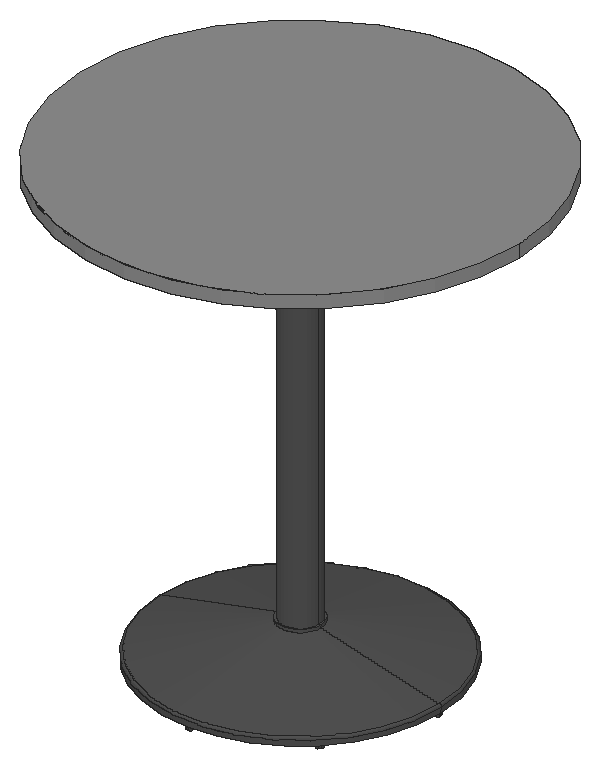
Revit family "FU_Table_Sandler_Campus Cafe Table", category Furniture, Revit 2020
Family settings
  OmniClass Number = 23.40.20.00
  OmniClass Title = General Furniture and Specialties
  Work Plane-Based = No
  Always vertical = Yes
  Cut with Voids When Loaded = No
  Shared = No
  Room Calculation Point = No
Parameters (values of type "Campus Cafe Table Melamine 70cm (27.5")")
  URL = "https://www.sandlerseating.com/product/campus-cafe-table-27-5-round-top/"
  Table Top Height = 720 mm
  Table Top Diameter = 700 mm
  Table Top Material = Melamine - NCS S8000-N Graphite
  Model = "CAMPUS TABLE"
  Manufacturer = "Sandler"
  Keynote = "46.B"
  Frame Material = Metal - Black - Matte
  Description = "Texture powder coated pillar frame with cast footplate. White Grey Melamine or Graphite Melamine Table Top"
  Default Elevation = 0 mm
  Content Author = "AEC AB"
  Assembly Code = "E2020"
Reference planes
  plane 1 "Center (Front/Back)": y = 0
  plane 2: z = 0
  plane 3 "Center (Left/Right)": x = 0
  plane 4 "Table Top under": z = 700
  plane 5 "Frame Botton": z = 63
  plane 6 "Stand bottom": z = 4.5
  plane 7: through (0, 0, 1200) normal (-0.7071, 0.7071, 0)
  plane 8: through (0, 0, 1200) normal (-0.3827, 0.9239, 0)
  plane 9 "Table Top": z = 720
Forms (mm)
  Extrusion 1, solid, material "Metal - Black - Matte" <- "Frame Material"
    sketch origin (0, 0, 63) x (1, 0, 0) y (0, 1, 0)
      loop
        circle (0, 0) r 30
    from 0 to 640
  Extrusion 2, solid, material "Plastic - Black"
    sketch origin (0, 0, 0) x (1, 0, 0) y (0, 1, 0)
      loop
        line (0, 224.253) -> (-2, 224.253)
        arc (-2, 224.253) -> (-4.121, 223.374) -> (-5, 221.253) r 3
        line (-5, 221.253) -> (-5, 29.58)
        arc (-5, 29.58) -> (-11.481, 27.716) -> (-17.381, 24.452) r 30
        line (-17.381, 24.452) -> (-152.572, 159.643)
        arc (-152.572, 159.643) -> (-154.704, 160.526) -> (-156.835, 159.643) r 3.015
        line (-156.835, 159.643) -> (-159.66, 156.819)
        arc (-159.66, 156.819) -> (-160.536, 154.704) -> (-159.66, 152.589) r 2.991
        line (-159.66, 152.589) -> (-24.452, 17.381)
        arc (-24.452, 17.381) -> (-27.716, 11.481) -> (-29.58, 5) r 30
        line (-29.58, 5) -> (-221.253, 5)
        arc (-221.253, 5) -> (-223.374, 4.121) -> (-224.253, 2) r 3
        line (-224.253, 2) -> (-224.253, 0) -> (-224.253, -2)
        arc (-224.253, -2) -> (-223.374, -4.121) -> (-221.253, -5) r 3
        line (-221.253, -5) -> (-29.58, -5)
        arc (-29.58, -5) -> (-27.716, -11.481) -> (-24.452, -17.381) r 30
        line (-24.452, -17.381) -> (-159.66, -152.589)
        arc (-159.66, -152.589) -> (-160.536, -154.704) -> (-159.66, -156.819) r 2.991
        line (-159.66, -156.819) -> (-156.835, -159.643)
        arc (-156.835, -159.643) -> (-154.704, -160.526) -> (-152.572, -159.643) r 3.015
        line (-152.572, -159.643) -> (-17.381, -24.452)
        arc (-17.381, -24.452) -> (-11.481, -27.716) -> (-5, -29.58) r 30
        line (-5, -29.58) -> (-5, -221.253)
        arc (-5, -221.253) -> (-4.121, -223.374) -> (-2, -224.253) r 3
        line (-2, -224.253) -> (0, -224.253) -> (2, -224.253)
        arc (2, -224.253) -> (4.121, -223.374) -> (5, -221.253) r 3
        line (5, -221.253) -> (5, -29.58)
        arc (5, -29.58) -> (11.481, -27.716) -> (17.381, -24.452) r 30
        line (17.381, -24.452) -> (152.572, -159.643)
        arc (152.572, -159.643) -> (154.704, -160.526) -> (156.835, -159.643) r 3.015
        line (156.835, -159.643) -> (159.66, -156.819)
        arc (159.66, -156.819) -> (160.536, -154.704) -> (159.66, -152.589) r 2.991
        line (159.66, -152.589) -> (24.452, -17.381)
        arc (24.452, -17.381) -> (27.716, -11.481) -> (29.58, -5) r 30
        line (29.58, -5) -> (221.253, -5)
        arc (221.253, -5) -> (223.374, -4.121) -> (224.253, -2) r 3
        line (224.253, -2) -> (224.253, 0) -> (224.253, 2)
        arc (224.253, 2) -> (223.374, 4.121) -> (221.253, 5) r 3
        line (221.253, 5) -> (29.58, 5)
        arc (29.58, 5) -> (27.716, 11.481) -> (24.452, 17.381) r 30
        line (24.452, 17.381) -> (159.66, 152.589)
        arc (159.66, 152.589) -> (160.536, 154.704) -> (159.66, 156.819) r 2.991
        line (159.66, 156.819) -> (156.835, 159.643)
        arc (156.835, 159.643) -> (154.704, 160.526) -> (152.572, 159.643) r 3.015
        line (152.572, 159.643) -> (17.381, 24.452)
        arc (17.381, 24.452) -> (11.481, 27.716) -> (5, 29.58) r 30
        line (5, 29.58) -> (5, 221.253)
        arc (5, 221.253) -> (4.121, 223.374) -> (2, 224.253) r 3
        line (2, 224.253) -> (0, 224.253)
    from 0 to 4.5
  Revolve 3, solid, material "Metal - Black - Matte" <- "Frame Material"
    sketch origin (0, 0, 0) x (1, 0, 0) y (0, 0, 1)
      loop
        arc (225, 12.32) -> (224.126, 14.814) -> (221.887, 16.217) r 3.996
        line (221.887, 16.217) -> (33, 59) -> (33, 63) -> (0, 63) -> (0, 4.5) -> (225, 4.5) -> (225, 12.32)
      axis (0, 63) -> (0, 4.5)
    angle from 0 to 360
  Extrusion 4, solid, material "Melamine - NCS S8000-N Graphite" <- "Table Top Material"
    sketch origin (0, 0, 700) x (1, 0, 0) y (0, 1, 0)
      loop
        circle (0, 0) r 350
    from 0 to 20
Lines and regions (mm)
  Masking region 1
    outline origin (0, 0, 720) x (1, 0, 0) y (0, 1, 0)
      loop
        circle (0, 0) r 350
Dimensions and locks
  "Table Top Height": level to plane 9 "Table Top"
  "Table Top Diameter": diameter of Extrusion 4 sketch curve
  "Table Top Diameter": diameter of Masking region 1 sketch curve
  aligned and locked: level to plane 2
Automatic sketch dimensions
  plane 1 "Center (Front/Back)" to Extrusion 1 sketch curve = 0 mm
  Extrusion 1 sketch curve to plane 3 "Center (Left/Right)" = 0 mm
  Extrusion 2 sketch curve to Extrusion 2 sketch curve = 0 mm  (x59)
  plane 1 "Center (Front/Back)" to Extrusion 2 sketch curve = 0 mm  (x3)
  Extrusion 2 sketch curve to plane 3 "Center (Left/Right)" = 0 mm  (x3)
  Extrusion 2 sketch curve to Extrusion 2 sketch curve = 2 mm  (x2)
  Extrusion 2 sketch curve to plane 3 "Center (Left/Right)" = 2 mm
  Extrusion 2 sketch curve to Extrusion 2 sketch curve = 3 mm  (x3)
  Extrusion 2 sketch curve to Extrusion 2 sketch curve = 12.381 mm  (x4)
  Extrusion 2 sketch curve to Extrusion 2 sketch curve = 7.071 mm  (x8)
  plane 1 "Center (Front/Back)" to Extrusion 2 sketch curve = 5 mm  (x2)
  Extrusion 2 sketch curve to Extrusion 2 sketch curve = 5.128 mm  (x2)
  Extrusion 2 sketch curve to plane 1 "Center (Front/Back)" = 5 mm  (x2)
  Extrusion 2 sketch curve to plane 3 "Center (Left/Right)" = 152.572 mm  (x2)
  Extrusion 2 sketch curve to Extrusion 2 sketch curve = 2.132 mm  (x12)
  Extrusion 2 sketch curve to Extrusion 2 sketch curve = 2.841 mm  (x4)
  Extrusion 2 sketch curve to Extrusion 2 sketch curve = 2.115 mm  (x12)
  Extrusion 2 sketch curve to Extrusion 2 sketch curve = 61.593 mm  (x2)
  Extrusion 2 sketch curve to plane 1 "Center (Front/Back)" = 2 mm  (x2)
  plane 3 "Center (Left/Right)" to Extrusion 2 sketch curve = 2 mm
  plane 3 "Center (Left/Right)" to Extrusion 2 sketch curve = 5 mm
  plane 3 "Center (Left/Right)" to Extrusion 2 sketch curve = 152.572 mm  (x2)
  plane 1 "Center (Front/Back)" to Extrusion 2 sketch curve = 2 mm
  plane 1 "Center (Front/Back)" to Extrusion 2 sketch curve = 152.589 mm  (x2)
  Extrusion 2 sketch curve to Extrusion 2 sketch curve = 2.808 mm  (x4)
  Extrusion 2 sketch curve to Extrusion 2 sketch curve = 61.61 mm  (x2)
  Extrusion 2 sketch curve to plane 1 "Center (Front/Back)" = 152.589 mm  (x2)
  Revolve 3 sketch curve to plane 3 "Center (Left/Right)" = 0 mm  (x2)
  Revolve 3 sketch curve to plane 5 "Frame Botton" = 0 mm  (x2)
  Revolve 3 sketch curve to plane 6 "Stand bottom" = 0 mm  (x2)
  plane 3 "Center (Left/Right)" to Revolve 3 sketch curve = 33 mm
  plane 6 "Stand bottom" to Revolve 3 sketch curve = 7.82 mm
  Revolve 3 sketch curve to Revolve 3 sketch curve = 188.004 mm
  plane 6 "Stand bottom" to Revolve 3 sketch curve = 11.717 mm
  Revolve 3 sketch curve to Revolve 3 sketch curve = 0.883 mm
  Revolve 3 sketch curve to plane 5 "Frame Botton" = 4 mm
  plane 1 "Center (Front/Back)" to Extrusion 4 sketch curve = 0 mm
  Extrusion 4 sketch curve to plane 3 "Center (Left/Right)" = 0 mm
  plane 1 "Center (Front/Back)" to Masking region 1 sketch curve = 0 mm
  Masking region 1 sketch curve to plane 3 "Center (Left/Right)" = 0 mm
  radius of Extrusion 1 sketch curve = 30 mm
